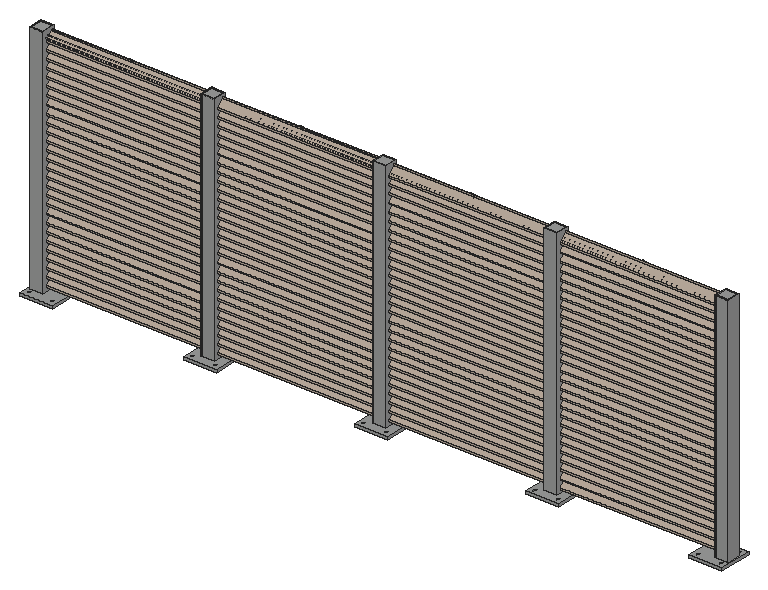
Revit family "Palmshield-Aria-Louver-Array", category Specialty Equipment, Revit 2025
Family settings
  Round Connector Dimension = Use Diameter
  Part Type = Normal
  OmniClass Number = 23.55.00.00
  OmniClass Title = Manufactured Structures
  Enable Cutting in Views = No
  Cut with Voids When Loaded = No
  Maintain Annotation Orientation = No
  Shared = No
  Room Calculation Point = No
Parameters (values of type "Assembly")
  Warranty URL = "https://palmshieldlouvers.com/wp-content/uploads/2020/01/PalmSHIELD-Warranty-NO-SIGN-LINE.pdf"
  Version = "2020 - v1.0a"  # constant formula
  URL = "https://palmshieldlouvers.com/"
  Type Comments = ""
  Left Post UP [instance] = yes
  Left Post Description [instance] = if(Left Post Position = 1, "Middle Post", if(Left Post Position = 2, "Corner Post", if(Left Post Position = 3, "End Post", "Not a Valid Option")))  # "End Post"
  Left Post DOWN [instance] = not(Left Post UP)  # no
  Left Post [instance] = yes
  Product Page URL = "https://palmshieldlouvers.com/products/aria-louver/"
  Product Documentation Link = "https://palmshieldlouvers.com/wp-content/uploads/2022/05/PalmSHIELD-Aria-Series-Post-Panel-Gate-Installation-Instructions.pdf"
  Post Finish = Metal - PalmSHIELD - Dusty Grey
  Panel Width [instance] = if(Desired Panel Width > C Max Panel Width, C Max Panel Width, if(Desired Panel Width < C Min Panel Width, C Min Panel Width, Desired Panel Width))  # 4' - 0"
  Panel Height [instance] = if(Desired Panel Height > C Max Panel Height, C Max Panel Height, if(Desired Panel Height < C Min Panel Height, C Min Panel Height, Desired Panel Height))  # 6' - 0"
  Model = "Mercury Economic Louver - Aluminum"  # constant formula
  Manufacturer Phone Number = "531-329-4406 "  # constant formula
  Manufacturer Email = "mailto: info@palmshieldlouvers.com"
  Manufacturer Address = "12330 Cary Circle, La Vista, NE 68128"  # constant formula
  Manufacturer = "PalmSHIELD"  # constant formula
  Louver Finsh = Metal - PalmSHIELD - Grey Beige
  Left Post Position [instance] = 3
  Keynote = "05 10 00"
  Instruction Sheet Link = "https://palmshieldlouvers.com/wp-content/uploads/2022/05/PalmSHIELD-Aria-Series-Post-Panel-Gate-Installation-Instructions.pdf"
  ID [instance] = "Not Assigned"
  Frame Finish = Metal - PalmSHIELD - Dusty Grey
  Filler Panel [instance] = yes
  Right Post UP [instance] = yes
  Right Post Description [instance] = if(Right Post Position = 1, "Middle Post", if(Right Post Position = 2, "Corner Post", if(Right Post Position = 3, "End Post", "Not a Valid Option")))  # "End Post"
  Right Post DOWN [instance] = not(Right Post UP)  # no
  Right Post Position [instance] = 3
  Right Post [instance] = yes
  Desired Panel Width [instance] = 4' - 0"
  Desired Panel Height [instance] = 6' - 0"
  Real Length [instance] = if(system length 1 < (C Post Width + C Min Panel Width), (C Post Width + C Min Panel Width), system length 1)  # 17' - 4"
  Description = "Mercury Economic Louver - Aluminum"  # constant formula
  system length 1 [instance] = 17' - 4"
  Copyright = "Copyright ©2024 The American Fence Company and PalmSHIELD. All Rights Reserved."  # constant formula
  Component Name [instance] = "Mercury Economic Louver - Aluminum"  # constant formula
  C Single Post [instance] = if(C Condition Double, 1 = 1, if(and(Right Post, C Condition Single), 1 = 1, 1 = 0))  # no
  C Single Panel [instance] = or(C Condition Double, C Condition Single)  # no
  C Single End Post Position [instance] = if(C Array Count = 1, 1, Right Post Position)  # 3
  C Right Post Offset Single [instance] = if(C Single End Post Position = 3, 0' 4 1/2", if(C Single End Post Position = 1, 0' 2", if(Right Post DOWN, 0' 2", 0' 4")))  # 0' - 4 1/2"
  C Right Post Offset Aux Single [instance] = if(C Single End Post Position = 3, 0' 0", if(C Single End Post Position = 1, 0' 0", if(Right Post DOWN, 0' 2", 0' 0")))  # 0' - 0"
  C Right Post Offset Aux [instance] = if(Right Post Position = 3, 0' 0", if(Right Post Position = 1, 0' 0", if(Right Post DOWN, 0' 2", 0' 0")))  # 0' - 0"
  C Right Post Offset [instance] = if(Right Post Position = 3, 0' 4 1/2", if(Right Post Position = 1, 0' 2", if(Right Post DOWN, 0' 2", 0' 4")))  # 0' - 4 1/2"
  C Right Post Angle Single [instance] = if(C Single End Post Position = 2, 90.00°, 0.00°)  # 0.00°
  C Right Post Angle [instance] = if(Right Post Position = 2, 90.00°, 0.00°)  # 0.00°
  C Post Width [instance] = 0' - 4"  # constant formula
  C Multiple Post [instance] = (C Condition Multiple)  # yes
  C Multiple Panels [instance] = (C Condition Multiple)  # yes
  C Min Panel Width [instance] = 4' - 0"  # constant formula
  C Min Panel Height [instance] = C Min Panel Width  # 4' - 0"
  C Max Panel Width [instance] = 6' - 0"  # constant formula
  C Max Panel Height [instance] = 8' - 0"  # constant formula
  C Left Post Offset Aux [instance] = if(Left Post Position = 3, 0' 4 1/2", if(Left Post Position = 1, 0' 2", if(Left Post DOWN, 0' 2", 0' 6")))  # 0' - 4 1/2"
  C Left Post Angle [instance] = if(Left Post Position = 3, 90.00°, 0.00°)  # 90.00°
  C Left Post Offset [instance] = if(Left Post Position = 3, 0' 0", if(Left Post Position = 1, 0' 0", if(Left Post DOWN, 0' 2", 0' 2")))  # 0' - 0"
  C Filler Post [instance] = and(not(C Condition Single), Filler Panel, Right Post, or(C Filler Panel Width = C Min Panel Width, C Filler Panel Width > C Min Panel Width))  # yes
  C Filler Panel Width Calculated [instance] = Real Length - C Calculated Total Length - Panel Width - C Post Width  # 4' - 0"
  C Filler Panel Width [instance] = if(C Filler Panel Width Calculated < C Min Panel Width, C Min Panel Width, if(C Filler Panel Width Calculated > C Max Panel Width, C Max Panel Width, C Filler Panel Width Calculated))  # 4' - 0"
  C Filler Panel [instance] = and(not(C Condition Single), Filler Panel, or(C Filler Panel Width = C Min Panel Width, C Filler Panel Width > C Min Panel Width))  # yes
  C Condition Single [instance] = C Array Count < 1  # no
  C Condition Multiple [instance] = C Array Count > 1  # yes
  C Condition Double [instance] = C Array Count = 1  # no
  C Complete Post [instance] = and(not(C Condition Single), not(Filler Panel), Right Post)  # no
  C Complete Panel [instance] = and(not(C Condition Single), not(Filler Panel))  # no
  C Calculated Total Length [instance] = if(C Array Count < 1, 0' 0", if(C Array Count = 1, C Post Width, Panel Width * (C Array Safe - 1) + C Post Width * (C Array Safe)))  # 9' - 0"
  C Calculated Filler Panel Length [instance] = if(C Array Count < 1, 0' 0", if(or(C Array Count = 2, C Array Count = 1), C Post Width, if(Filler Panel, (C Calculated Total Length - C Post Width - C Filler Panel Width), (C Calculated Total Length - C Post Width - Panel Width))))  # 4' - 8"
  C Array Safe [instance] = if(C Array Count < 2, 2, C Array Count)  # 3
  C Array Count [instance] = if(Filler Panel, roundup(((Real Length - C Min Panel Width) / (Panel Width + C Post Width)) - 1), roundup(((Real Length - (Panel Width)) / (Panel Width + C Post Width)) - 1))  # 3
  Assembly Code = "F1020100"
Reference planes (in)
  plane 1 "Center (Front/Back)": y = 0
  plane 2 "B": z = 0
  plane 3 "Left": x = 0
  plane 4 "Right": x = 208
  plane 5 "Top": z = 72
  plane 6: x = 48
  plane 7: x = 52
  plane 8: x = 100
  plane 9: x = 104
  plane 10: x = -4
  plane 11: x = 156
  plane 12: x = 52
  plane 13: x = 204
  plane 14: x = 204
  plane 15: x = -2
  plane 16: x = 208
  plane 17: x = 206
  plane 18: x = 206
  plane 19: x = 208
  plane 20: x = 50
  plane 21: x = 102
  plane 22: y = -2
  plane 23: y = 2
Lines and regions (in)
  reference lines
    curve 1: line (0, 0, 0) -> (208, 0, 0)
    curve 2: line (-2, 0, 0) -> (-4, 0, 0)
    curve 3: line (-2, 0, 0) -> (-2, 2, 0)
    curve 4: line (2.5, 0, 0) -> (2.5, 2, 0)
    curve 5: line (206, 0, 0) -> (206, -2, 0)
    curve 6: line (206, 0, 0) -> (208, 0, 0)
    curve 7: line (206, 0, 0) -> (206, 2, 0)
    curve 8: line (206, 0, 0) -> (206, 2, 0)
    curve 9: line (50.00002, 0, 0) -> (50.00002, 2, 0)
    curve 10: line (50, 0, 0) -> (52, 0, 0)
    curve 11: line (50.00002, -0.00002, 0) -> (50.00002, 2, 0)
    curve 12: line (206, 0, 0) -> (206, 2, 0)
    curve 13: line (206, 0, 0) -> (208, 0, 0)
    curve 14: line (206, 0, 0) -> (206, 2, 0)
Dimensions and locks (in)
  "system length 1": plane 3 "Left" to plane 4 "Right"
  "Panel Width": plane 6 to plane 3 "Left"
  "C Post Width": plane 7 to plane 6
  "Panel Width": plane 8 to plane 7
  "C Post Width": plane 9 to plane 8
  "C Post Width": plane 3 "Left" to plane 10
  "C Calculated Filler Panel Length": plane 12 to plane 10
  "C Filler Panel Width": plane 13 to plane 11
  "Panel Width": plane 14 to plane 11
  "C Calculated Total Length": plane 11 to plane 6
  equal spacing: plane 10, plane 15, plane 3 "Left"
  equal spacing: plane 16, plane 17, plane 13
  "C Post Width": plane 16 to plane 13
  equal spacing: plane 19, plane 18, plane 14
  "C Post Width": plane 19 to plane 14
  equal spacing: plane 9, plane 21, plane 8
  equal spacing: plane 7, plane 20, plane 6
  equal spacing: plane 22, plane 1 "Center (Front/Back)", plane 23
  "C Post Width": plane 22 to plane 23
  "Panel Height": plane 5 "Top" to level
  equal spacing: group 1, group 2, group 5  (x3)
  "C Left Post Offset": curve 4 to nested 1
  "C Left Post Offset Aux": curve 3 to curve 4
  equal spacing: group 3, group 4, group 6  (x3)
  "C Right Post Offset Aux": curve 8 to curve 7
  "C Right Post Offset": curve 8 to nested 5
  "C Right Post Offset Aux Single": curve 11 to curve 9
  "C Right Post Offset Single": curve 11 to nested 8
  "C Right Post Offset Aux": curve 14 to curve 12
  "C Right Post Offset": curve 14 to nested 11
  "C Left Post Angle": angle curve 2 to plane 15
  locked: curve 3 to curve 2 (angle 90.00°)
  locked: curve 6 to curve 7 (angle 90.00°)
  "C Right Post Angle": angle curve 7 to plane 18
  locked: curve 10 to curve 9 (angle 90.00°)
  "C Right Post Angle Single": angle curve 9 to plane 20
  locked: curve 13 to curve 12 (angle 90.00°)
  "C Right Post Angle": angle curve 12 to plane 18
  aligned and locked: plane 4 "Right" to curve 1
  aligned and locked: plane 1 "Center (Front/Back)" to curve 1
  aligned and locked: plane 3 "Left" to curve 1
  aligned and locked: level to plane 2 "B"
  aligned and locked: plane 3 "Left" to nested 2
  aligned and locked: nested 4 to plane 14
  aligned and locked: plane 1 "Center (Front/Back)" to nested 7
  aligned and locked: plane 20 to nested 7
  aligned and locked: plane 3 "Left" to nested 6
  aligned and locked: plane 1 "Center (Front/Back)" to nested 6
  aligned and locked: plane 11 to nested 3
  aligned and locked: plane 1 "Center (Front/Back)" to nested 3
  aligned and locked: plane 7 to nested 9
  aligned and locked: plane 1 "Center (Front/Back)" to nested 9
  aligned and locked: plane 1 "Center (Front/Back)" to curve 2
  aligned and locked: plane 15 to curve 3
  aligned and locked: curve 2 to nested 1
  aligned and locked: plane 21 to nested 10
  aligned and locked: plane 1 "Center (Front/Back)" to nested 10
  aligned and locked: plane 17 to curve 5
  aligned and locked: plane 1 "Center (Front/Back)" to nested 4
  aligned and locked: plane 1 "Center (Front/Back)" to curve 6
  aligned and locked: plane 1 "Center (Front/Back)" to nested 2
  aligned and locked: plane 20 to curve 10
  aligned and locked: nested 8 to curve 10
  aligned and locked: plane 18 to curve 13
  aligned and locked: plane 1 "Center (Front/Back)" to curve 12
Automatic sketch dimensions
  plane 22 to curve 5 = 0' - 0"
  curve 10 to curve 9 = 0' - 0"
  curve 2 to curve 4 = 0' - 0"
  curve 4 to curve 4 = 0' - 2"
  curve 8 to curve 7 = 0' - 0"  (x2)
  curve 11 to curve 9 = 0' - 0"  (x2)
  curve 14 to curve 13 = 0' - 0"
  curve 13 to curve 14 = 0' - 2"
Nested families (in)
  nested 1: "Screening-Louver-Assembly-Post-Palmshield-Aria" at (0.5, 0, 0) x (-1, 0, 0) z (0, 0, 1), Desired Overall Height <- "Panel Height", visible <- "Left Post", Component Vis <- "Left Post", ID <- "ID", Post Position <- "Left Post Position", type ""
    with Post Position 3, ID "Not Assigned", Height 6' - 0", Desired Overall Height 6' - 0", Component Vis yes, Component Name "Aria - Square Post", C Min Height 3' - 4", C Max Height 8' - 0"
  nested 2: "Screening-Louver-Assembly-Panel-Palmshield-Aria" at (0, 0, 0), Desired Overall Height <- "Panel Height", Desired Overall Width <- "Panel Width", visible <- "C Single Panel", Component Vis <- "C Single Panel", ID <- "ID", type ""
    with Width 4' - 0", ID "Not Assigned", Height 6' - 0", Desired Overall Width 4' - 0", Desired Overall Height 6' - 0", Desired Bottom Angle 0.00°, Component Vis no, Component Name "Aria", C Min Width 4' - 0", C Min Height 4' - 0", C Max Width 6' - 0", C Max Height 8' - 0", C Angle 0.00°
  nested 3: "Screening-Louver-Assembly-Panel-Palmshield-Aria" at (156, 0, 0), Desired Overall Height <- "Panel Height", Desired Overall Width <- "C Filler Panel Width", visible <- "C Filler Panel", Component Vis <- "C Filler Panel", ID <- "ID", type "Assembly"
    with Width 4' - 0", ID "Not Assigned", Height 6' - 0", Desired Overall Width 4' - 0", Desired Overall Height 6' - 0", Desired Bottom Angle 0.00°, Component Vis yes, Component Name "Aria", C Min Width 4' - 0", C Min Height 4' - 0", C Max Width 6' - 0", C Max Height 8' - 0", C Angle 0.00°
  nested 4: "Screening-Louver-Assembly-Panel-Palmshield-Aria" at (156, 0, 0), Desired Overall Height <- "Panel Height", Desired Overall Width <- "Panel Width", visible <- "C Complete Panel", Component Vis <- "C Complete Panel", ID <- "ID", type ""
    with Width 4' - 0", ID "Not Assigned", Height 6' - 0", Desired Overall Width 4' - 0", Desired Overall Height 6' - 0", Desired Bottom Angle 0.00°, Component Vis no, Component Name "Aria", C Min Width 4' - 0", C Min Height 4' - 0", C Max Width 6' - 0", C Max Height 8' - 0", C Angle 0.00°
  nested 5: "Screening-Louver-Assembly-Post-Palmshield-Aria" at (203.5, 0, 0), Desired Overall Height <- "Panel Height", visible <- "C Filler Post", Component Vis <- "C Filler Post", ID <- "ID", Post Position <- "Right Post Position", type ""
    with Post Position 3, ID "Not Assigned", Height 6' - 0", Desired Overall Height 6' - 0", Component Vis yes, Component Name "Aria - Square Post", C Min Height 3' - 4", C Max Height 8' - 0"
  nested 6: "Screening-Louver-Assembly-Panel-Palmshield-Aria" at (0, 0, 0), Desired Overall Height <- "Panel Height", Desired Overall Width <- "Panel Width", visible <- "C Multiple Panels", Component Vis <- "C Multiple Panels", ID <- "ID", type "Assembly"
    with Width 4' - 0", ID "Not Assigned", Height 6' - 0", Desired Overall Width 4' - 0", Desired Overall Height 6' - 0", Desired Bottom Angle 0.00°, Component Vis yes, Component Name "Aria", C Min Width 4' - 0", C Min Height 4' - 0", C Max Width 6' - 0", C Max Height 8' - 0", C Angle 0.00°
  nested 7: "Screening-Louver-Assembly-Post-Palmshield-Aria" at (50, 0, 0), Desired Overall Height <- "Panel Height", visible <- "C Multiple Post", Component Vis <- "C Multiple Post", ID <- "ID", type "Assembly"
    with Post Position 1, ID "Not Assigned", Height 6' - 0", Desired Overall Height 6' - 0", Component Vis yes, Component Name "Aria - Square Post", C Min Height 3' - 4", C Max Height 8' - 0"
  nested 8: "Screening-Louver-Assembly-Post-Palmshield-Aria" at (47.50002, 0, 0), Desired Overall Height <- "Panel Height", visible <- "C Single Post", Component Vis <- "C Single Post", ID <- "ID", Post Position <- "C Single End Post Position", type ""
    with Post Position 3, ID "Not Assigned", Height 6' - 0", Desired Overall Height 6' - 0", Component Vis no, Component Name "Aria - Square Post", C Min Height 3' - 4", C Max Height 8' - 0"
  nested 9: "Screening-Louver-Assembly-Panel-Palmshield-Aria" at (52, 0, 0), Desired Overall Height <- "Panel Height", Desired Overall Width <- "Panel Width", visible <- "C Multiple Panels", Component Vis <- "C Multiple Panels", ID <- "ID", type "Assembly"
    with Width 4' - 0", ID "Not Assigned", Height 6' - 0", Desired Overall Width 4' - 0", Desired Overall Height 6' - 0", Desired Bottom Angle 0.00°, Component Vis yes, Component Name "Aria", C Min Width 4' - 0", C Min Height 4' - 0", C Max Width 6' - 0", C Max Height 8' - 0", C Angle 0.00°
  nested 10: "Screening-Louver-Assembly-Post-Palmshield-Aria" at (102, 0, 0), Desired Overall Height <- "Panel Height", visible <- "C Multiple Post", Component Vis <- "C Multiple Post", ID <- "ID", type "Assembly"
    with Post Position 1, ID "Not Assigned", Height 6' - 0", Desired Overall Height 6' - 0", Component Vis yes, Component Name "Aria - Square Post", C Min Height 3' - 4", C Max Height 8' - 0"
  nested 11: "Screening-Louver-Assembly-Post-Palmshield-Aria" at (203.5, 0, 0), Desired Overall Height <- "Panel Height", visible <- "C Complete Post", Component Vis <- "C Complete Post", ID <- "ID", Post Position <- "Right Post Position", type ""
    with Post Position 3, ID "Not Assigned", Height 6' - 0", Desired Overall Height 6' - 0", Component Vis no, Component Name "Aria - Square Post", C Min Height 3' - 4", C Max Height 8' - 0"
  nested 12: "Nested-Louvers-Palmshield-Aria" at (50.125, -1.04952, 39.10502) x (0, 1, 0) z (1, 0, 0), type ""
    with Material Metal - PalmSHIELD - Grey Beige, Length 4' - 3 3/4", ID "Not Assigned", Component Name "Aria - Aluminum - Louvers"
  nested 13: "Nested-Louvers-Palmshield-Aria" at (50.125, -1.04952, 41.57452) x (0, 1, 0) z (1, 0, 0), type ""
    with Material Metal - PalmSHIELD - Grey Beige, Length 4' - 3 3/4", ID "Not Assigned", Component Name "Aria - Aluminum - Louvers"
  nested 14: "Nested-Louvers-Palmshield-Aria" at (50.125, -1.04952, 44.04402) x (0, 1, 0) z (1, 0, 0), type ""
    with Material Metal - PalmSHIELD - Grey Beige, Length 4' - 3 3/4", ID "Not Assigned", Component Name "Aria - Aluminum - Louvers"
  nested 15: "Nested-Louvers-Palmshield-Aria" at (50.125, -1.04952, 46.51352) x (0, 1, 0) z (1, 0, 0), type ""
    with Material Metal - PalmSHIELD - Grey Beige, Length 4' - 3 3/4", ID "Not Assigned", Component Name "Aria - Aluminum - Louvers"
  nested 16: "Nested-Louvers-Palmshield-Aria" at (50.125, -1.04952, 48.98302) x (0, 1, 0) z (1, 0, 0), type ""
    with Material Metal - PalmSHIELD - Grey Beige, Length 4' - 3 3/4", ID "Not Assigned", Component Name "Aria - Aluminum - Louvers"
  nested 17: "Nested-Louvers-Palmshield-Aria" at (50.125, -1.04952, 51.45252) x (0, 1, 0) z (1, 0, 0), type ""
    with Material Metal - PalmSHIELD - Grey Beige, Length 4' - 3 3/4", ID "Not Assigned", Component Name "Aria - Aluminum - Louvers"
  nested 18: "Nested-Louvers-Palmshield-Aria" at (50.125, -1.04952, 53.92203) x (0, 1, 0) z (1, 0, 0), type ""
    with Material Metal - PalmSHIELD - Grey Beige, Length 4' - 3 3/4", ID "Not Assigned", Component Name "Aria - Aluminum - Louvers"
  nested 19: "Nested-Louvers-Palmshield-Aria" at (50.125, -1.04952, 56.39153) x (0, 1, 0) z (1, 0, 0), type ""
    with Material Metal - PalmSHIELD - Grey Beige, Length 4' - 3 3/4", ID "Not Assigned", Component Name "Aria - Aluminum - Louvers"
  nested 20: "Nested-Louvers-Palmshield-Aria" at (50.125, -1.04952, 58.86103) x (0, 1, 0) z (1, 0, 0), type ""
    with Material Metal - PalmSHIELD - Grey Beige, Length 4' - 3 3/4", ID "Not Assigned", Component Name "Aria - Aluminum - Louvers"
  nested 21: "Nested-Louvers-Palmshield-Aria" at (50.125, -1.04952, 61.33053) x (0, 1, 0) z (1, 0, 0), type ""
    with Material Metal - PalmSHIELD - Grey Beige, Length 4' - 3 3/4", ID "Not Assigned", Component Name "Aria - Aluminum - Louvers"
  nested 22: "Nested-Louvers-Palmshield-Aria" at (50.125, -1.04952, 63.80003) x (0, 1, 0) z (1, 0, 0), type ""
    with Material Metal - PalmSHIELD - Grey Beige, Length 4' - 3 3/4", ID "Not Assigned", Component Name "Aria - Aluminum - Louvers"
  nested 23: "Nested-Louvers-Palmshield-Aria" at (50.125, -1.04952, 2.0625) x (0, 1, 0) z (1, 0, 0), type ""
    with Material Metal - PalmSHIELD - Grey Beige, Length 4' - 3 3/4", ID "Not Assigned", Component Name "Aria - Aluminum - Louvers"
  nested 24: "Nested-Louvers-Palmshield-Aria" at (50.125, -1.04952, 66.26953) x (0, 1, 0) z (1, 0, 0), type ""
    with Material Metal - PalmSHIELD - Grey Beige, Length 4' - 3 3/4", ID "Not Assigned", Component Name "Aria - Aluminum - Louvers"
  nested 25: "Nested-Base_Plate-Palmshield-Aria" at (102, 0, 0), type ""
    with Material Metal - PalmSHIELD - Dusty Grey, ID "Not Assigned", Component Vis yes, Component Name "Aria Economy - Base Plate"
  nested 26: "Nested-Square_Post-Aluminum-Palmshield-Aria" at (102, 0, 0.75), type ""
    with Material Metal - PalmSHIELD - Dusty Grey, Length 5' - 11 1/4", ID "Not Assigned", Component Vis yes, Component Name "Aria Economy - Square Post"
  nested 27: "Nested-Top_Cap-Palmshield-Aria" at (102, 0, 72) x (1, 0, 0) z (0, 0, -1), type ""
    with Material Metal - PalmSHIELD - Dusty Grey, ID "Not Assigned", Component Vis yes, Component Name "Aria Economy - Square Top Cap"
  nested 28: "Nested-Base_Plate-Palmshield-Aria" at (50, 0, 0), type ""
    with Material Metal - PalmSHIELD - Dusty Grey, ID "Not Assigned", Component Vis yes, Component Name "Aria Economy - Base Plate"
  nested 29: "Nested-Square_Post-Aluminum-Palmshield-Aria" at (50, 0, 0.75), type ""
    with Material Metal - PalmSHIELD - Dusty Grey, Length 5' - 11 1/4", ID "Not Assigned", Component Vis yes, Component Name "Aria Economy - Square Post"
  nested 30: "Nested-Top_Cap-Palmshield-Aria" at (50, 0, 72) x (1, 0, 0) z (0, 0, -1), type ""
    with Material Metal - PalmSHIELD - Dusty Grey, ID "Not Assigned", Component Vis yes, Component Name "Aria Economy - Square Top Cap"
  nested 31: "Nested-Louvers-Palmshield-Aria" at (-1.875, -1.04952, 39.10502) x (0, 1, 0) z (1, 0, 0), type ""
    with Material Metal - PalmSHIELD - Grey Beige, Length 4' - 3 3/4", ID "Not Assigned", Component Name "Aria - Aluminum - Louvers"
  nested 32: "Nested-Louvers-Palmshield-Aria" at (-1.875, -1.04952, 41.57452) x (0, 1, 0) z (1, 0, 0), type ""
    with Material Metal - PalmSHIELD - Grey Beige, Length 4' - 3 3/4", ID "Not Assigned", Component Name "Aria - Aluminum - Louvers"
  nested 33: "Nested-Louvers-Palmshield-Aria" at (-1.875, -1.04952, 44.04402) x (0, 1, 0) z (1, 0, 0), type ""
    with Material Metal - PalmSHIELD - Grey Beige, Length 4' - 3 3/4", ID "Not Assigned", Component Name "Aria - Aluminum - Louvers"
  nested 34: "Nested-Louvers-Palmshield-Aria" at (-1.875, -1.04952, 46.51352) x (0, 1, 0) z (1, 0, 0), type ""
    with Material Metal - PalmSHIELD - Grey Beige, Length 4' - 3 3/4", ID "Not Assigned", Component Name "Aria - Aluminum - Louvers"
  nested 35: "Nested-Louvers-Palmshield-Aria" at (-1.875, -1.04952, 48.98302) x (0, 1, 0) z (1, 0, 0), type ""
    with Material Metal - PalmSHIELD - Grey Beige, Length 4' - 3 3/4", ID "Not Assigned", Component Name "Aria - Aluminum - Louvers"
  nested 36: "Nested-Louvers-Palmshield-Aria" at (-1.875, -1.04952, 51.45252) x (0, 1, 0) z (1, 0, 0), type ""
    with Material Metal - PalmSHIELD - Grey Beige, Length 4' - 3 3/4", ID "Not Assigned", Component Name "Aria - Aluminum - Louvers"
  nested 37: "Nested-Louvers-Palmshield-Aria" at (-1.875, -1.04952, 53.92203) x (0, 1, 0) z (1, 0, 0), type ""
    with Material Metal - PalmSHIELD - Grey Beige, Length 4' - 3 3/4", ID "Not Assigned", Component Name "Aria - Aluminum - Louvers"
  nested 38: "Nested-Louvers-Palmshield-Aria" at (-1.875, -1.04952, 56.39153) x (0, 1, 0) z (1, 0, 0), type ""
    with Material Metal - PalmSHIELD - Grey Beige, Length 4' - 3 3/4", ID "Not Assigned", Component Name "Aria - Aluminum - Louvers"
  nested 39: "Nested-Louvers-Palmshield-Aria" at (-1.875, -1.04952, 58.86103) x (0, 1, 0) z (1, 0, 0), type ""
    with Material Metal - PalmSHIELD - Grey Beige, Length 4' - 3 3/4", ID "Not Assigned", Component Name "Aria - Aluminum - Louvers"
  nested 40: "Nested-Louvers-Palmshield-Aria" at (-1.875, -1.04952, 61.33053) x (0, 1, 0) z (1, 0, 0), type ""
    with Material Metal - PalmSHIELD - Grey Beige, Length 4' - 3 3/4", ID "Not Assigned", Component Name "Aria - Aluminum - Louvers"
  nested 41: "Nested-Louvers-Palmshield-Aria" at (-1.875, -1.04952, 63.80003) x (0, 1, 0) z (1, 0, 0), type ""
    with Material Metal - PalmSHIELD - Grey Beige, Length 4' - 3 3/4", ID "Not Assigned", Component Name "Aria - Aluminum - Louvers"
  nested 42: "Nested-Louvers-Palmshield-Aria" at (-1.875, -1.04952, 2.0625) x (0, 1, 0) z (1, 0, 0), type ""
    with Material Metal - PalmSHIELD - Grey Beige, Length 4' - 3 3/4", ID "Not Assigned", Component Name "Aria - Aluminum - Louvers"
  nested 43: "Nested-Louvers-Palmshield-Aria" at (-1.875, -1.04952, 66.26953) x (0, 1, 0) z (1, 0, 0), type ""
    with Material Metal - PalmSHIELD - Grey Beige, Length 4' - 3 3/4", ID "Not Assigned", Component Name "Aria - Aluminum - Louvers"
  nested 44: "Screening-Louver-Assembly-Panel-Palmshield-Aria" at (104, 0, 0), Desired Overall Height <- "Panel Height", Desired Overall Width <- "Panel Width", visible <- "C Multiple Panels", Component Vis <- "C Multiple Panels", ID <- "ID", type "Assembly"
    with Width 4' - 0", ID "Not Assigned", Height 6' - 0", Desired Overall Width 4' - 0", Desired Overall Height 6' - 0", Desired Bottom Angle 0.00°, Component Vis yes, Component Name "Aria", C Min Width 4' - 0", C Min Height 4' - 0", C Max Width 6' - 0", C Max Height 8' - 0", C Angle 0.00°
  nested 45: "Nested-Louvers-Palmshield-Aria" at (102.125, -1.04952, 39.10502) x (0, 1, 0) z (1, 0, 0), type ""
    with Material Metal - PalmSHIELD - Grey Beige, Length 4' - 3 3/4", ID "Not Assigned", Component Name "Aria - Aluminum - Louvers"
  nested 46: "Nested-Louvers-Palmshield-Aria" at (102.125, -1.04952, 41.57452) x (0, 1, 0) z (1, 0, 0), type ""
    with Material Metal - PalmSHIELD - Grey Beige, Length 4' - 3 3/4", ID "Not Assigned", Component Name "Aria - Aluminum - Louvers"
  nested 47: "Nested-Louvers-Palmshield-Aria" at (102.125, -1.04952, 44.04402) x (0, 1, 0) z (1, 0, 0), type ""
    with Material Metal - PalmSHIELD - Grey Beige, Length 4' - 3 3/4", ID "Not Assigned", Component Name "Aria - Aluminum - Louvers"
  nested 48: "Nested-Louvers-Palmshield-Aria" at (102.125, -1.04952, 46.51352) x (0, 1, 0) z (1, 0, 0), type ""
    with Material Metal - PalmSHIELD - Grey Beige, Length 4' - 3 3/4", ID "Not Assigned", Component Name "Aria - Aluminum - Louvers"
  nested 49: "Nested-Louvers-Palmshield-Aria" at (102.125, -1.04952, 48.98302) x (0, 1, 0) z (1, 0, 0), type ""
    with Material Metal - PalmSHIELD - Grey Beige, Length 4' - 3 3/4", ID "Not Assigned", Component Name "Aria - Aluminum - Louvers"
  nested 50: "Nested-Louvers-Palmshield-Aria" at (102.125, -1.04952, 51.45252) x (0, 1, 0) z (1, 0, 0), type ""
    with Material Metal - PalmSHIELD - Grey Beige, Length 4' - 3 3/4", ID "Not Assigned", Component Name "Aria - Aluminum - Louvers"
  nested 51: "Nested-Louvers-Palmshield-Aria" at (102.125, -1.04952, 53.92203) x (0, 1, 0) z (1, 0, 0), type ""
    with Material Metal - PalmSHIELD - Grey Beige, Length 4' - 3 3/4", ID "Not Assigned", Component Name "Aria - Aluminum - Louvers"
  nested 52: "Nested-Louvers-Palmshield-Aria" at (102.125, -1.04952, 56.39153) x (0, 1, 0) z (1, 0, 0), type ""
    with Material Metal - PalmSHIELD - Grey Beige, Length 4' - 3 3/4", ID "Not Assigned", Component Name "Aria - Aluminum - Louvers"
  nested 53: "Nested-Louvers-Palmshield-Aria" at (102.125, -1.04952, 58.86103) x (0, 1, 0) z (1, 0, 0), type ""
    with Material Metal - PalmSHIELD - Grey Beige, Length 4' - 3 3/4", ID "Not Assigned", Component Name "Aria - Aluminum - Louvers"
  nested 54: "Nested-Louvers-Palmshield-Aria" at (102.125, -1.04952, 61.33053) x (0, 1, 0) z (1, 0, 0), type ""
    with Material Metal - PalmSHIELD - Grey Beige, Length 4' - 3 3/4", ID "Not Assigned", Component Name "Aria - Aluminum - Louvers"
  nested 55: "Nested-Louvers-Palmshield-Aria" at (102.125, -1.04952, 63.80003) x (0, 1, 0) z (1, 0, 0), type ""
    with Material Metal - PalmSHIELD - Grey Beige, Length 4' - 3 3/4", ID "Not Assigned", Component Name "Aria - Aluminum - Louvers"
  nested 56: "Nested-Louvers-Palmshield-Aria" at (102.125, -1.04952, 2.0625) x (0, 1, 0) z (1, 0, 0), type ""
    with Material Metal - PalmSHIELD - Grey Beige, Length 4' - 3 3/4", ID "Not Assigned", Component Name "Aria - Aluminum - Louvers"
  nested 57: "Nested-Louvers-Palmshield-Aria" at (102.125, -1.04952, 66.26953) x (0, 1, 0) z (1, 0, 0), type ""
    with Material Metal - PalmSHIELD - Grey Beige, Length 4' - 3 3/4", ID "Not Assigned", Component Name "Aria - Aluminum - Louvers"
  nested 58: "Screening-Louver-Assembly-Post-Palmshield-Aria" at (154, 0, 0), Desired Overall Height <- "Panel Height", visible <- "C Multiple Post", Component Vis <- "C Multiple Post", ID <- "ID", type "Assembly"
    with Post Position 1, ID "Not Assigned", Height 6' - 0", Desired Overall Height 6' - 0", Component Vis yes, Component Name "Aria - Square Post", C Min Height 3' - 4", C Max Height 8' - 0"
  nested 59: "Nested-Base_Plate-Palmshield-Aria" at (154, 0, 0), type ""
    with Material Metal - PalmSHIELD - Dusty Grey, ID "Not Assigned", Component Vis yes, Component Name "Aria Economy - Base Plate"
  nested 60: "Nested-Square_Post-Aluminum-Palmshield-Aria" at (154, 0, 0.75), type ""
    with Material Metal - PalmSHIELD - Dusty Grey, Length 5' - 11 1/4", ID "Not Assigned", Component Vis yes, Component Name "Aria Economy - Square Post"
  nested 61: "Nested-Top_Cap-Palmshield-Aria" at (154, 0, 72) x (1, 0, 0) z (0, 0, -1), type ""
    with Material Metal - PalmSHIELD - Dusty Grey, ID "Not Assigned", Component Vis yes, Component Name "Aria Economy - Square Top Cap"
  nested 62: "Nested-Louvers-Palmshield-Aria" at (102.125, -1.04952, 4.532) x (0, 1, 0) z (1, 0, 0), type ""
    with Material Metal - PalmSHIELD - Grey Beige, Length 4' - 3 3/4", ID "Not Assigned", Component Name "Aria - Aluminum - Louvers"
  nested 63: "Nested-Louvers-Palmshield-Aria" at (102.125, -1.04952, 7.0015) x (0, 1, 0) z (1, 0, 0), type ""
    with Material Metal - PalmSHIELD - Grey Beige, Length 4' - 3 3/4", ID "Not Assigned", Component Name "Aria - Aluminum - Louvers"
  nested 64: "Nested-Louvers-Palmshield-Aria" at (102.125, -1.04952, 9.471) x (0, 1, 0) z (1, 0, 0), type ""
    with Material Metal - PalmSHIELD - Grey Beige, Length 4' - 3 3/4", ID "Not Assigned", Component Name "Aria - Aluminum - Louvers"
  nested 65: "Nested-Louvers-Palmshield-Aria" at (102.125, -1.04952, 11.9405) x (0, 1, 0) z (1, 0, 0), type ""
    with Material Metal - PalmSHIELD - Grey Beige, Length 4' - 3 3/4", ID "Not Assigned", Component Name "Aria - Aluminum - Louvers"
  nested 66: "Nested-Louvers-Palmshield-Aria" at (102.125, -1.04952, 14.41001) x (0, 1, 0) z (1, 0, 0), type ""
    with Material Metal - PalmSHIELD - Grey Beige, Length 4' - 3 3/4", ID "Not Assigned", Component Name "Aria - Aluminum - Louvers"
  nested 67: "Nested-Louvers-Palmshield-Aria" at (102.125, -1.04952, 16.87951) x (0, 1, 0) z (1, 0, 0), type ""
    with Material Metal - PalmSHIELD - Grey Beige, Length 4' - 3 3/4", ID "Not Assigned", Component Name "Aria - Aluminum - Louvers"
  nested 68: "Nested-Louvers-Palmshield-Aria" at (102.125, -1.04952, 19.34901) x (0, 1, 0) z (1, 0, 0), type ""
    with Material Metal - PalmSHIELD - Grey Beige, Length 4' - 3 3/4", ID "Not Assigned", Component Name "Aria - Aluminum - Louvers"
  nested 69: "Nested-Louvers-Palmshield-Aria" at (102.125, -1.04952, 21.81851) x (0, 1, 0) z (1, 0, 0), type ""
    with Material Metal - PalmSHIELD - Grey Beige, Length 4' - 3 3/4", ID "Not Assigned", Component Name "Aria - Aluminum - Louvers"
  nested 70: "Nested-Louvers-Palmshield-Aria" at (102.125, -1.04952, 24.28801) x (0, 1, 0) z (1, 0, 0), type ""
    with Material Metal - PalmSHIELD - Grey Beige, Length 4' - 3 3/4", ID "Not Assigned", Component Name "Aria - Aluminum - Louvers"
  nested 71: "Nested-Louvers-Palmshield-Aria" at (102.125, -1.04952, 26.75751) x (0, 1, 0) z (1, 0, 0), type ""
    with Material Metal - PalmSHIELD - Grey Beige, Length 4' - 3 3/4", ID "Not Assigned", Component Name "Aria - Aluminum - Louvers"
  nested 72: "Nested-Louvers-Palmshield-Aria" at (102.125, -1.04952, 29.22701) x (0, 1, 0) z (1, 0, 0), type ""
    with Material Metal - PalmSHIELD - Grey Beige, Length 4' - 3 3/4", ID "Not Assigned", Component Name "Aria - Aluminum - Louvers"
  nested 73: "Nested-Louvers-Palmshield-Aria" at (102.125, -1.04952, 31.69651) x (0, 1, 0) z (1, 0, 0), type ""
    with Material Metal - PalmSHIELD - Grey Beige, Length 4' - 3 3/4", ID "Not Assigned", Component Name "Aria - Aluminum - Louvers"
  nested 74: "Nested-Louvers-Palmshield-Aria" at (102.125, -1.04952, 34.16602) x (0, 1, 0) z (1, 0, 0), type ""
    with Material Metal - PalmSHIELD - Grey Beige, Length 4' - 3 3/4", ID "Not Assigned", Component Name "Aria - Aluminum - Louvers"
  nested 75: "Nested-Louvers-Palmshield-Aria" at (102.125, -1.04952, 36.63552) x (0, 1, 0) z (1, 0, 0), type ""
    with Material Metal - PalmSHIELD - Grey Beige, Length 4' - 3 3/4", ID "Not Assigned", Component Name "Aria - Aluminum - Louvers"
  nested 76: "Nested-Rib-Palmshield-Aria" at (128, 1, 4.33402), type ""
    with Material Metal - PalmSHIELD - Grey Beige, Length 5' - 7.16598", ID "Not Assigned", Component Name "Aria - Aluminum - FB Ribs"
  nested 77: "Nested-Stiffener-Palmshield-Aria" at (102.125, 0.18566, 68.7412) x (0, 1, 0) z (1, 0, 0), type ""
    with Material Metal - PalmSHIELD - Grey Beige, Length 4' - 3 3/4", ID "", Component Name "Aria - Aluminum - Square Stiffener"
  nested 78: "Nested-Louvers-Palmshield-Aria" at (102.125, -1, 68.627) x (0, 0.9994, 0.0349) z (1, 0, 0), type ""
    with Material Metal - PalmSHIELD - Grey Beige, Length 4' - 3 3/4", ID "Not Assigned", Component Name "Aria - Aluminum - Louvers"
  nested 79: "Nested-Louvers-Palmshield-Aria" at (-1.875, -1.04952, 4.532) x (0, 1, 0) z (1, 0, 0), type ""
    with Material Metal - PalmSHIELD - Grey Beige, Length 4' - 3 3/4", ID "Not Assigned", Component Name "Aria - Aluminum - Louvers"
  nested 80: "Nested-Louvers-Palmshield-Aria" at (-1.875, -1.04952, 7.0015) x (0, 1, 0) z (1, 0, 0), type ""
    with Material Metal - PalmSHIELD - Grey Beige, Length 4' - 3 3/4", ID "Not Assigned", Component Name "Aria - Aluminum - Louvers"
  nested 81: "Nested-Louvers-Palmshield-Aria" at (-1.875, -1.04952, 9.471) x (0, 1, 0) z (1, 0, 0), type ""
    with Material Metal - PalmSHIELD - Grey Beige, Length 4' - 3 3/4", ID "Not Assigned", Component Name "Aria - Aluminum - Louvers"
  nested 82: "Nested-Louvers-Palmshield-Aria" at (-1.875, -1.04952, 11.9405) x (0, 1, 0) z (1, 0, 0), type ""
    with Material Metal - PalmSHIELD - Grey Beige, Length 4' - 3 3/4", ID "Not Assigned", Component Name "Aria - Aluminum - Louvers"
  nested 83: "Nested-Louvers-Palmshield-Aria" at (-1.875, -1.04952, 14.41001) x (0, 1, 0) z (1, 0, 0), type ""
    with Material Metal - PalmSHIELD - Grey Beige, Length 4' - 3 3/4", ID "Not Assigned", Component Name "Aria - Aluminum - Louvers"
  nested 84: "Nested-Louvers-Palmshield-Aria" at (-1.875, -1.04952, 16.87951) x (0, 1, 0) z (1, 0, 0), type ""
    with Material Metal - PalmSHIELD - Grey Beige, Length 4' - 3 3/4", ID "Not Assigned", Component Name "Aria - Aluminum - Louvers"
  nested 85: "Nested-Louvers-Palmshield-Aria" at (-1.875, -1.04952, 19.34901) x (0, 1, 0) z (1, 0, 0), type ""
    with Material Metal - PalmSHIELD - Grey Beige, Length 4' - 3 3/4", ID "Not Assigned", Component Name "Aria - Aluminum - Louvers"
  nested 86: "Nested-Louvers-Palmshield-Aria" at (-1.875, -1.04952, 21.81851) x (0, 1, 0) z (1, 0, 0), type ""
    with Material Metal - PalmSHIELD - Grey Beige, Length 4' - 3 3/4", ID "Not Assigned", Component Name "Aria - Aluminum - Louvers"
  nested 87: "Nested-Louvers-Palmshield-Aria" at (-1.875, -1.04952, 24.28801) x (0, 1, 0) z (1, 0, 0), type ""
    with Material Metal - PalmSHIELD - Grey Beige, Length 4' - 3 3/4", ID "Not Assigned", Component Name "Aria - Aluminum - Louvers"
  nested 88: "Nested-Louvers-Palmshield-Aria" at (-1.875, -1.04952, 26.75751) x (0, 1, 0) z (1, 0, 0), type ""
    with Material Metal - PalmSHIELD - Grey Beige, Length 4' - 3 3/4", ID "Not Assigned", Component Name "Aria - Aluminum - Louvers"
  nested 89: "Nested-Louvers-Palmshield-Aria" at (-1.875, -1.04952, 29.22701) x (0, 1, 0) z (1, 0, 0), type ""
    with Material Metal - PalmSHIELD - Grey Beige, Length 4' - 3 3/4", ID "Not Assigned", Component Name "Aria - Aluminum - Louvers"
  nested 90: "Nested-Louvers-Palmshield-Aria" at (-1.875, -1.04952, 31.69651) x (0, 1, 0) z (1, 0, 0), type ""
    with Material Metal - PalmSHIELD - Grey Beige, Length 4' - 3 3/4", ID "Not Assigned", Component Name "Aria - Aluminum - Louvers"
  nested 91: "Nested-Louvers-Palmshield-Aria" at (-1.875, -1.04952, 34.16602) x (0, 1, 0) z (1, 0, 0), type ""
    with Material Metal - PalmSHIELD - Grey Beige, Length 4' - 3 3/4", ID "Not Assigned", Component Name "Aria - Aluminum - Louvers"
  nested 92: "Nested-Louvers-Palmshield-Aria" at (-1.875, -1.04952, 36.63552) x (0, 1, 0) z (1, 0, 0), type ""
    with Material Metal - PalmSHIELD - Grey Beige, Length 4' - 3 3/4", ID "Not Assigned", Component Name "Aria - Aluminum - Louvers"
  nested 93: "Nested-Rib-Palmshield-Aria" at (24, 1, 4.33402), type ""
    with Material Metal - PalmSHIELD - Grey Beige, Length 5' - 7.16598", ID "Not Assigned", Component Name "Aria - Aluminum - FB Ribs"
  nested 94: "Nested-Stiffener-Palmshield-Aria" at (-1.875, 0.18566, 68.7412) x (0, 1, 0) z (1, 0, 0), type ""
    with Material Metal - PalmSHIELD - Grey Beige, Length 4' - 3 3/4", ID "", Component Name "Aria - Aluminum - Square Stiffener"
  nested 95: "Nested-Louvers-Palmshield-Aria" at (-1.875, -1, 68.627) x (0, 0.9994, 0.0349) z (1, 0, 0), type ""
    with Material Metal - PalmSHIELD - Grey Beige, Length 4' - 3 3/4", ID "Not Assigned", Component Name "Aria - Aluminum - Louvers"
  nested 96: "Nested-Louvers-Palmshield-Aria" at (50.125, -1.04952, 4.532) x (0, 1, 0) z (1, 0, 0), type ""
    with Material Metal - PalmSHIELD - Grey Beige, Length 4' - 3 3/4", ID "Not Assigned", Component Name "Aria - Aluminum - Louvers"
  nested 97: "Nested-Louvers-Palmshield-Aria" at (50.125, -1.04952, 7.0015) x (0, 1, 0) z (1, 0, 0), type ""
    with Material Metal - PalmSHIELD - Grey Beige, Length 4' - 3 3/4", ID "Not Assigned", Component Name "Aria - Aluminum - Louvers"
  nested 98: "Nested-Louvers-Palmshield-Aria" at (50.125, -1.04952, 9.471) x (0, 1, 0) z (1, 0, 0), type ""
    with Material Metal - PalmSHIELD - Grey Beige, Length 4' - 3 3/4", ID "Not Assigned", Component Name "Aria - Aluminum - Louvers"
  nested 99: "Nested-Louvers-Palmshield-Aria" at (50.125, -1.04952, 11.9405) x (0, 1, 0) z (1, 0, 0), type ""
    with Material Metal - PalmSHIELD - Grey Beige, Length 4' - 3 3/4", ID "Not Assigned", Component Name "Aria - Aluminum - Louvers"
  nested 100: "Nested-Louvers-Palmshield-Aria" at (50.125, -1.04952, 14.41001) x (0, 1, 0) z (1, 0, 0), type ""
    with Material Metal - PalmSHIELD - Grey Beige, Length 4' - 3 3/4", ID "Not Assigned", Component Name "Aria - Aluminum - Louvers"
  nested 101: "Nested-Louvers-Palmshield-Aria" at (50.125, -1.04952, 16.87951) x (0, 1, 0) z (1, 0, 0), type ""
    with Material Metal - PalmSHIELD - Grey Beige, Length 4' - 3 3/4", ID "Not Assigned", Component Name "Aria - Aluminum - Louvers"
  nested 102: "Nested-Louvers-Palmshield-Aria" at (50.125, -1.04952, 19.34901) x (0, 1, 0) z (1, 0, 0), type ""
    with Material Metal - PalmSHIELD - Grey Beige, Length 4' - 3 3/4", ID "Not Assigned", Component Name "Aria - Aluminum - Louvers"
  nested 103: "Nested-Louvers-Palmshield-Aria" at (50.125, -1.04952, 21.81851) x (0, 1, 0) z (1, 0, 0), type ""
    with Material Metal - PalmSHIELD - Grey Beige, Length 4' - 3 3/4", ID "Not Assigned", Component Name "Aria - Aluminum - Louvers"
  nested 104: "Nested-Louvers-Palmshield-Aria" at (50.125, -1.04952, 24.28801) x (0, 1, 0) z (1, 0, 0), type ""
    with Material Metal - PalmSHIELD - Grey Beige, Length 4' - 3 3/4", ID "Not Assigned", Component Name "Aria - Aluminum - Louvers"
  nested 105: "Nested-Louvers-Palmshield-Aria" at (50.125, -1.04952, 26.75751) x (0, 1, 0) z (1, 0, 0), type ""
    with Material Metal - PalmSHIELD - Grey Beige, Length 4' - 3 3/4", ID "Not Assigned", Component Name "Aria - Aluminum - Louvers"
  nested 106: "Nested-Louvers-Palmshield-Aria" at (50.125, -1.04952, 29.22701) x (0, 1, 0) z (1, 0, 0), type ""
    with Material Metal - PalmSHIELD - Grey Beige, Length 4' - 3 3/4", ID "Not Assigned", Component Name "Aria - Aluminum - Louvers"
  nested 107: "Nested-Louvers-Palmshield-Aria" at (50.125, -1.04952, 31.69651) x (0, 1, 0) z (1, 0, 0), type ""
    with Material Metal - PalmSHIELD - Grey Beige, Length 4' - 3 3/4", ID "Not Assigned", Component Name "Aria - Aluminum - Louvers"
  nested 108: "Nested-Louvers-Palmshield-Aria" at (50.125, -1.04952, 34.16602) x (0, 1, 0) z (1, 0, 0), type ""
    with Material Metal - PalmSHIELD - Grey Beige, Length 4' - 3 3/4", ID "Not Assigned", Component Name "Aria - Aluminum - Louvers"
  nested 109: "Nested-Louvers-Palmshield-Aria" at (50.125, -1.04952, 36.63552) x (0, 1, 0) z (1, 0, 0), type ""
    with Material Metal - PalmSHIELD - Grey Beige, Length 4' - 3 3/4", ID "Not Assigned", Component Name "Aria - Aluminum - Louvers"
  nested 110: "Nested-Rib-Palmshield-Aria" at (76, 1, 4.33402), type ""
    with Material Metal - PalmSHIELD - Grey Beige, Length 5' - 7.16598", ID "Not Assigned", Component Name "Aria - Aluminum - FB Ribs"
  nested 111: "Nested-Stiffener-Palmshield-Aria" at (50.125, 0.18566, 68.7412) x (0, 1, 0) z (1, 0, 0), type ""
    with Material Metal - PalmSHIELD - Grey Beige, Length 4' - 3 3/4", ID "", Component Name "Aria - Aluminum - Square Stiffener"
  nested 112: "Nested-Louvers-Palmshield-Aria" at (50.125, -1, 68.627) x (0, 0.9994, 0.0349) z (1, 0, 0), type ""
    with Material Metal - PalmSHIELD - Grey Beige, Length 4' - 3 3/4", ID "Not Assigned", Component Name "Aria - Aluminum - Louvers"
  nested 113: "Nested-Louvers-Palmshield-Aria" at (154.125, -1.04952, 39.10502) x (0, 1, 0) z (1, 0, 0), type ""
    with Material Metal - PalmSHIELD - Grey Beige, Length 4' - 3 3/4", ID "Not Assigned", Component Name "Aria - Aluminum - Louvers"
  nested 114: "Nested-Louvers-Palmshield-Aria" at (154.125, -1.04952, 41.57452) x (0, 1, 0) z (1, 0, 0), type ""
    with Material Metal - PalmSHIELD - Grey Beige, Length 4' - 3 3/4", ID "Not Assigned", Component Name "Aria - Aluminum - Louvers"
  nested 115: "Nested-Louvers-Palmshield-Aria" at (154.125, -1.04952, 44.04402) x (0, 1, 0) z (1, 0, 0), type ""
    with Material Metal - PalmSHIELD - Grey Beige, Length 4' - 3 3/4", ID "Not Assigned", Component Name "Aria - Aluminum - Louvers"
  nested 116: "Nested-Louvers-Palmshield-Aria" at (154.125, -1.04952, 46.51352) x (0, 1, 0) z (1, 0, 0), type ""
    with Material Metal - PalmSHIELD - Grey Beige, Length 4' - 3 3/4", ID "Not Assigned", Component Name "Aria - Aluminum - Louvers"
  nested 117: "Nested-Louvers-Palmshield-Aria" at (154.125, -1.04952, 48.98302) x (0, 1, 0) z (1, 0, 0), type ""
    with Material Metal - PalmSHIELD - Grey Beige, Length 4' - 3 3/4", ID "Not Assigned", Component Name "Aria - Aluminum - Louvers"
  nested 118: "Nested-Louvers-Palmshield-Aria" at (154.125, -1.04952, 51.45252) x (0, 1, 0) z (1, 0, 0), type ""
    with Material Metal - PalmSHIELD - Grey Beige, Length 4' - 3 3/4", ID "Not Assigned", Component Name "Aria - Aluminum - Louvers"
  nested 119: "Nested-Louvers-Palmshield-Aria" at (154.125, -1.04952, 53.92203) x (0, 1, 0) z (1, 0, 0), type ""
    with Material Metal - PalmSHIELD - Grey Beige, Length 4' - 3 3/4", ID "Not Assigned", Component Name "Aria - Aluminum - Louvers"
  nested 120: "Nested-Louvers-Palmshield-Aria" at (154.125, -1.04952, 56.39153) x (0, 1, 0) z (1, 0, 0), type ""
    with Material Metal - PalmSHIELD - Grey Beige, Length 4' - 3 3/4", ID "Not Assigned", Component Name "Aria - Aluminum - Louvers"
  nested 121: "Nested-Louvers-Palmshield-Aria" at (154.125, -1.04952, 58.86103) x (0, 1, 0) z (1, 0, 0), type ""
    with Material Metal - PalmSHIELD - Grey Beige, Length 4' - 3 3/4", ID "Not Assigned", Component Name "Aria - Aluminum - Louvers"
  nested 122: "Nested-Louvers-Palmshield-Aria" at (154.125, -1.04952, 61.33053) x (0, 1, 0) z (1, 0, 0), type ""
    with Material Metal - PalmSHIELD - Grey Beige, Length 4' - 3 3/4", ID "Not Assigned", Component Name "Aria - Aluminum - Louvers"
  nested 123: "Nested-Louvers-Palmshield-Aria" at (154.125, -1.04952, 63.80003) x (0, 1, 0) z (1, 0, 0), type ""
    with Material Metal - PalmSHIELD - Grey Beige, Length 4' - 3 3/4", ID "Not Assigned", Component Name "Aria - Aluminum - Louvers"
  nested 124: "Nested-Louvers-Palmshield-Aria" at (154.125, -1.04952, 2.0625) x (0, 1, 0) z (1, 0, 0), type ""
    with Material Metal - PalmSHIELD - Grey Beige, Length 4' - 3 3/4", ID "Not Assigned", Component Name "Aria - Aluminum - Louvers"
  nested 125: "Nested-Louvers-Palmshield-Aria" at (154.125, -1.04952, 66.26953) x (0, 1, 0) z (1, 0, 0), type ""
    with Material Metal - PalmSHIELD - Grey Beige, Length 4' - 3 3/4", ID "Not Assigned", Component Name "Aria - Aluminum - Louvers"
  nested 126: "Nested-Louvers-Palmshield-Aria" at (154.125, -1.04952, 4.532) x (0, 1, 0) z (1, 0, 0), type ""
    with Material Metal - PalmSHIELD - Grey Beige, Length 4' - 3 3/4", ID "Not Assigned", Component Name "Aria - Aluminum - Louvers"
  nested 127: "Nested-Louvers-Palmshield-Aria" at (154.125, -1.04952, 7.0015) x (0, 1, 0) z (1, 0, 0), type ""
    with Material Metal - PalmSHIELD - Grey Beige, Length 4' - 3 3/4", ID "Not Assigned", Component Name "Aria - Aluminum - Louvers"
  nested 128: "Nested-Louvers-Palmshield-Aria" at (154.125, -1.04952, 9.471) x (0, 1, 0) z (1, 0, 0), type ""
    with Material Metal - PalmSHIELD - Grey Beige, Length 4' - 3 3/4", ID "Not Assigned", Component Name "Aria - Aluminum - Louvers"
  nested 129: "Nested-Louvers-Palmshield-Aria" at (154.125, -1.04952, 11.9405) x (0, 1, 0) z (1, 0, 0), type ""
    with Material Metal - PalmSHIELD - Grey Beige, Length 4' - 3 3/4", ID "Not Assigned", Component Name "Aria - Aluminum - Louvers"
  nested 130: "Nested-Louvers-Palmshield-Aria" at (154.125, -1.04952, 14.41001) x (0, 1, 0) z (1, 0, 0), type ""
    with Material Metal - PalmSHIELD - Grey Beige, Length 4' - 3 3/4", ID "Not Assigned", Component Name "Aria - Aluminum - Louvers"
  nested 131: "Nested-Louvers-Palmshield-Aria" at (154.125, -1.04952, 16.87951) x (0, 1, 0) z (1, 0, 0), type ""
    with Material Metal - PalmSHIELD - Grey Beige, Length 4' - 3 3/4", ID "Not Assigned", Component Name "Aria - Aluminum - Louvers"
  nested 132: "Nested-Louvers-Palmshield-Aria" at (154.125, -1.04952, 19.34901) x (0, 1, 0) z (1, 0, 0), type ""
    with Material Metal - PalmSHIELD - Grey Beige, Length 4' - 3 3/4", ID "Not Assigned", Component Name "Aria - Aluminum - Louvers"
  nested 133: "Nested-Louvers-Palmshield-Aria" at (154.125, -1.04952, 21.81851) x (0, 1, 0) z (1, 0, 0), type ""
    with Material Metal - PalmSHIELD - Grey Beige, Length 4' - 3 3/4", ID "Not Assigned", Component Name "Aria - Aluminum - Louvers"
  nested 134: "Nested-Louvers-Palmshield-Aria" at (154.125, -1.04952, 24.28801) x (0, 1, 0) z (1, 0, 0), type ""
    with Material Metal - PalmSHIELD - Grey Beige, Length 4' - 3 3/4", ID "Not Assigned", Component Name "Aria - Aluminum - Louvers"
  nested 135: "Nested-Louvers-Palmshield-Aria" at (154.125, -1.04952, 26.75751) x (0, 1, 0) z (1, 0, 0), type ""
    with Material Metal - PalmSHIELD - Grey Beige, Length 4' - 3 3/4", ID "Not Assigned", Component Name "Aria - Aluminum - Louvers"
  nested 136: "Nested-Louvers-Palmshield-Aria" at (154.125, -1.04952, 29.22701) x (0, 1, 0) z (1, 0, 0), type ""
    with Material Metal - PalmSHIELD - Grey Beige, Length 4' - 3 3/4", ID "Not Assigned", Component Name "Aria - Aluminum - Louvers"
  nested 137: "Nested-Louvers-Palmshield-Aria" at (154.125, -1.04952, 31.69651) x (0, 1, 0) z (1, 0, 0), type ""
    with Material Metal - PalmSHIELD - Grey Beige, Length 4' - 3 3/4", ID "Not Assigned", Component Name "Aria - Aluminum - Louvers"
  nested 138: "Nested-Louvers-Palmshield-Aria" at (154.125, -1.04952, 34.16602) x (0, 1, 0) z (1, 0, 0), type ""
    with Material Metal - PalmSHIELD - Grey Beige, Length 4' - 3 3/4", ID "Not Assigned", Component Name "Aria - Aluminum - Louvers"
  nested 139: "Nested-Louvers-Palmshield-Aria" at (154.125, -1.04952, 36.63552) x (0, 1, 0) z (1, 0, 0), type ""
    with Material Metal - PalmSHIELD - Grey Beige, Length 4' - 3 3/4", ID "Not Assigned", Component Name "Aria - Aluminum - Louvers"
  nested 140: "Nested-Rib-Palmshield-Aria" at (180, 1, 4.33402), type ""
    with Material Metal - PalmSHIELD - Grey Beige, Length 5' - 7.16598", ID "Not Assigned", Component Name "Aria - Aluminum - FB Ribs"
  nested 141: "Nested-Stiffener-Palmshield-Aria" at (154.125, 0.18566, 68.7412) x (0, 1, 0) z (1, 0, 0), type ""
    with Material Metal - PalmSHIELD - Grey Beige, Length 4' - 3 3/4", ID "", Component Name "Aria - Aluminum - Square Stiffener"
  nested 142: "Nested-Louvers-Palmshield-Aria" at (154.125, -1, 68.627) x (0, 0.9994, 0.0349) z (1, 0, 0), type ""
    with Material Metal - PalmSHIELD - Grey Beige, Length 4' - 3 3/4", ID "Not Assigned", Component Name "Aria - Aluminum - Louvers"
  nested 143: "Nested-Base_Plate-Palmshield-Aria" at (203.5, 0, 0), type ""
    with Material Metal - PalmSHIELD - Dusty Grey, ID "Not Assigned", Component Vis yes, Component Name "Aria Economy - Base Plate"
  nested 144: "Nested-Square_Post-Aluminum-Palmshield-Aria" at (206, 0, 0.75), type ""
    with Material Metal - PalmSHIELD - Dusty Grey, Length 5' - 11 1/4", ID "Not Assigned", Component Vis yes, Component Name "Aria Economy - Square Post"
  nested 145: "Nested-Top_Cap-Palmshield-Aria" at (206, 0, 72) x (1, 0, 0) z (0, 0, -1), type ""
    with Material Metal - PalmSHIELD - Dusty Grey, ID "Not Assigned", Component Vis yes, Component Name "Aria Economy - Square Top Cap"
  nested 146: "Nested-Base_Plate-Palmshield-Aria" at (0.5, 0, 0) x (-1, 0, 0) z (0, 0, 1), type ""
    with Material Metal - PalmSHIELD - Dusty Grey, ID "Not Assigned", Component Vis yes, Component Name "Aria Economy - Base Plate"
  nested 147: "Nested-Square_Post-Aluminum-Palmshield-Aria" at (-2, 0, 0.75) x (-1, 0, 0) z (0, 0, 1), type ""
    with Material Metal - PalmSHIELD - Dusty Grey, Length 5' - 11 1/4", ID "Not Assigned", Component Vis yes, Component Name "Aria Economy - Square Post"
  nested 148: "Nested-Top_Cap-Palmshield-Aria" at (-2, 0, 72) x (-1, 0, 0) z (0, 0, -1), type ""
    with Material Metal - PalmSHIELD - Dusty Grey, ID "Not Assigned", Component Vis yes, Component Name "Aria Economy - Square Top Cap"
Definition of nested family "Nested-Louvers-Palmshield-Aria"
  Parameters (values of type "EXTRUDED ALUMINUM LOUVERS TYP.")
    Width = 0' - 2 7/8"  # constant formula
    Warranty URL = "https://palmshieldlouvers.com/wp-content/uploads/2020/01/PalmSHIELD-Warranty-NO-SIGN-LINE.pdf"
    Version = "2021 - v1.0a"  # constant formula
    URL = "https://palmshieldlouvers.com/"
    Thickness = 0' - 0 1/8"  # constant formula
    Product Page URL = "https://palmshieldlouvers.com/products/aria-louver/"
    Product Documentation Link = "https://palmshieldlouvers.com/wp-content/uploads/2022/05/PalmSHIELD-Aria-Series-Post-Panel-Gate-Installation-Instructions.pdf"
    Model = "Aria"  # constant formula
    Material [instance] = none
    Manufacturer Phone Number = "531-329-4406 "  # constant formula
    Manufacturer Fax Number = "Consult Manufacturer Website for More Information"  # constant formula
    Manufacturer Email = "mailto: info@palmshieldlouvers.com"
    Manufacturer Address = "12330 Cary Circle, La Vista, NE 68128"  # constant formula
    Manufacturer = "PalmSHIELD"  # constant formula
    Length [instance] = 4' - 4.86713"
    Keynote = "05 10 00"
    Instruction Sheet Link = "https://palmshieldlouvers.com/wp-content/uploads/2022/05/PalmSHIELD-Aria-Series-Post-Panel-Gate-Installation-Instructions.pdf"
    ID [instance] = ""
    Description = "Aria - Louvers"  # constant formula
    Default Elevation = 4' - 0"
    Copyright = "Copyright ©2024 The American Fence Company and PalmSHIELD. All Rights Reserved."  # constant formula
    Component Name [instance] = "Aria - Aluminum - Louvers"  # constant formula
    C Hole Offset = 0' - 1 1/2"  # constant formula
    Assembly Code = "F1020100"
  Reference planes (in)
    plane 1 "Center (Front/Back)": y = 0
    plane 2: z = 0
    plane 3 "Center (Left/Right)": x = 0
    plane 4: z = 52.86713
    plane 5: y = 2.80145
  Forms (in)
    Extrusion 1, solid
      sketch origin (0, 0, 0) x (1, 0, 0) y (0, 1, 0)
        loop
          line (-48, 48) -> (-48, -48) -> (48, -48) -> (48, 48) -> (-48, 48)
      from 0 to -12
    Sweep 2, solid, material <- "Material"
      path origin (0, 0, 0) x (0, 1, 0) y (0, 0, 1)
        loop
          line (0, 0) -> (0, 52.86713)
      profile "Profile-Palmshield-Louver : LOUVERS TYP. - 6063-T6" origin (0, 0, 26.43357) x (0, -1, 0) y (1, 0, 0)
        loop
          line (-2.32763, 1.95743) -> (-0.51921, 0.01813) -> (0, 0) -> (0.00436, 0.12492) -> (-0.4631, 0.14125) -> (-2.27152, 2.08054) -> (-2.80145, 2.09905) -> (-2.80581, 1.97412) -> (-2.32763, 1.95743)
  Dimensions and locks (in)
    "Length": plane 4 to plane 2
    locked: plane 1 "Center (Front/Back)" to plane 5 at 2.80145
    aligned and locked: plane 2 to Extrusion 1
    aligned and locked: level to Extrusion 1
    aligned and locked: plane 1 "Center (Front/Back)" to Sweep 2 sketch curve
    aligned and locked: plane 4 to Sweep 2 sketch curve
  Automatic sketch dimensions
    Extrusion 1 sketch curve to Extrusion 1 sketch curve = 8' - 0"  (x2)
    Sweep 2 sketch curve to level = 0' - 0"
Definition of nested family "Nested-Base_Plate-Palmshield-Aria"
  Parameters (values of type "10" x 14" x 3/4"")
    Width = if(Constraints = 1, 0' 10", 1' 2")  # 1' - 2"
    Warranty URL = "https://palmshieldlouvers.com/wp-content/uploads/2020/01/PalmSHIELD-Warranty-NO-SIGN-LINE.pdf"
    Version = "2021 - v1.0a"  # constant formula
    URL = "https://palmshieldlouvers.com/"
    Thickness = 0' - 0 3/4"  # constant formula
    Product Page URL = "https://palmshieldlouvers.com/products/aria-louver/"
    Product Documentation Link = "https://palmshieldlouvers.com/wp-content/uploads/2022/05/PalmSHIELD-Aria-Series-Post-Panel-Gate-Installation-Instructions.pdf"
    Model = "Aria Economy"  # constant formula
    Material [instance] = none
    Manufacturer Phone Number = "531-329-4406 "  # constant formula
    Manufacturer Fax Number = "Consult Manufacturer Website for More Information"  # constant formula
    Manufacturer Email = "mailto: info@palmshieldlouvers.com"
    Manufacturer Address = "12330 Cary Circle, La Vista, NE 68128"  # constant formula
    Manufacturer = "PalmSHIELD"  # constant formula
    Keynote = "05 10 00"
    Instruction Sheet Link = "https://palmshieldlouvers.com/wp-content/uploads/2022/05/PalmSHIELD-Aria-Series-Post-Panel-Gate-Installation-Instructions.pdf"
    ID [instance] = ""
    Hole Diameter = 0' - 0 3/4"  # constant formula
    Height = 0' - 10"  # constant formula
    Description = "Aria Economy- Base Plate"  # constant formula
    Default Elevation = 4' - 0"
    Copyright = "Copyright ©2024 The American Fence Company and PalmSHIELD. All Rights Reserved."  # constant formula
    Constraints = 2
    Component Vis [instance] = yes
    Component Name [instance] = "Aria Economy - Base Plate"  # constant formula
    C Hole Offset = 0' - 1 1/2"  # constant formula
    Assembly Code = "F1020100"
  Types (2): name | Width | Product Page URL | Product Documentation Link | Instruction Sheet Link | Constraints
    10" x 10" x 3/4" | 0' - 10" | "Contact Manufacturer for More Information" | "Contact Manufacturer for More Information" | "Contact Manufacturer for More Information" | 1
    10" x 14" x 3/4" | 1' - 2" | "https://palmshieldlouvers.com/products/aria-louver/" | "https://palmshieldlouvers.com/wp-content/uploads/2022/05/PalmSHIELD-Aria-Series-Post-Panel-Gate-Installation-Instructions.pdf" | "https://palmshieldlouvers.com/wp-content/uploads/2022/05/PalmSHIELD-Aria-Series-Post-Panel-Gate-Installation-Instructions.pdf" | 2
  Reference planes (in)
    plane 1 "Center (Front/Back)": y = 0
    plane 2: z = 0
    plane 3 "Center (Left/Right)": x = 0
    plane 4: y = 5
    plane 5: x = 7
    plane 6: y = -5
    plane 7: x = -7
    plane 8: z = 0.75
  Forms (in)
    Extrusion 1, solid
      sketch origin (0, 0, 0) x (1, 0, 0) y (0, 1, 0)
        loop
          line (-48, 48) -> (-48, -48) -> (48, -48) -> (48, 48) -> (-48, 48)
      from 0 to -12
    Extrusion 2, solid, material <- "Material", visible <- "Component Vis"
      sketch origin (0, 0, 0) x (1, 0, 0) y (0, 1, 0)
        loop
          line (-7, 5) -> (-7, -5) -> (7, -5) -> (7, 5) -> (-7, 5)
        loop
          circle (-5.5, 3.5) r 0.375
        loop
          circle (5.5, 3.5) r 0.375
        loop
          circle (-5.5, -3.5) r 0.375
        loop
          circle (5.5, -3.5) r 0.375
      from 0 to 0.75
  Dimensions and locks (in)
    equal spacing: plane 7, plane 3 "Center (Left/Right)", plane 5
    equal spacing: plane 4, plane 1 "Center (Front/Back)", plane 6
    "Width": plane 7 to plane 5
    "Height": plane 4 to plane 6
    "C Hole Offset": plane 7 to Extrusion 2 sketch curve  (x2)
    "C Hole Offset": Extrusion 2 sketch curve to plane 5  (x2)
    "C Hole Offset": plane 4 to Extrusion 2 sketch curve  (x2)
    "C Hole Offset": plane 6 to Extrusion 2 sketch curve  (x2)
    "Thickness": plane 8 to plane 2
    "Width": Extrusion 2 to Extrusion 2
    "Hole Diameter": radius of Extrusion 2 sketch curve  (x4)
    aligned and locked: plane 2 to Extrusion 1
    aligned and locked: level to Extrusion 1
    aligned and locked: Extrusion 2 sketch curve to plane 4
    aligned and locked: plane 7 to Extrusion 2 sketch curve
    aligned and locked: Extrusion 2 sketch curve to plane 6
    aligned and locked: Extrusion 2 sketch curve to plane 5
    aligned and locked: plane 8 to Extrusion 2
  Automatic sketch dimensions
    Extrusion 1 sketch curve to Extrusion 1 sketch curve = 8' - 0"  (x2)
